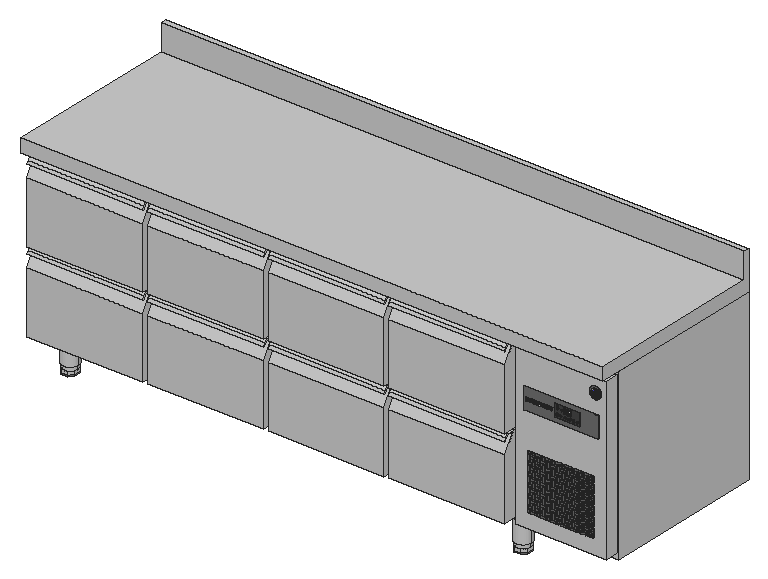
Revit family "QF_HOSHIZAKI_889040834", category Specialty Equipment, Revit 2016 (continued)
Definition of nested family "QF_HOSHIZAKI_ADVANCE_REF-COUNTER-DOORS-DRAWERS"
  Dimensions and locks
    aligned and locked: plane 3 "Left" to nested 3
    aligned and locked: plane 1 "Back" to nested 4
    aligned and locked: plane 3 "Left" to nested 4
    aligned and locked: plane 3 "Left" to nested 5
    aligned and locked: plane 1 "Back" to nested 5
    aligned and locked: plane 3 "Left" to nested 6
    aligned and locked: plane 1 "Back" to nested 6
    aligned and locked: plane 3 "Left" to nested 7
    aligned and locked: plane 1 "Back" to nested 7
  Nested families
    nested 1: "Right_Door" at (0, 0, 0), Section size <- "Section size", type "Right door"
      with Worktop thickness 50 mm, Section size 446 mm, Legs height 0 mm, Height Actual 700 mm, Depth Actual 0 mm, Right hand hinged door no
    nested 2: "Left_Door" at (0, 0, 0), Section size <- "Section size", type "Left door"
      with Worktop thickness 50 mm, Section size 446 mm, Legs height 0 mm, Height Actual 700 mm, Depth Actual 0 mm, Left hand hinged door no
    nested 3: "3_Drawers_1-3" at (0, 0, 0), Section size <- "Section size", type "3 Drawers 1-3"
      with Worktop thickness 50 mm, Section size 446 mm, Legs height 0 mm, Height Actual 700 mm, Depth Actual 0 mm
    nested 4: "2_Drawers_1-2" at (0, 0, 0), Section size <- "Section size", type "2 Drawers 1-2"
      with Worktop thickness 50 mm, Section size 446 mm, Legs height 0 mm, Height Actual 700 mm, Depth Actual 0 mm, 2 Drawers no
    nested 5: "3_Drawers_1-3_2-3" at (0, 0, 0), Section size <- "Section size", type "2 Drawers 1-3 and 2-3"
      with Worktop thickness 40 mm, Section size 446 mm, Legs height 0 mm, Height Actual 750 mm, Depth Actual 0 mm, 2 Drawers 1-3 and 2-3 no
    nested 6: "Right_Glass_Door" at (0, 0, 0), Section size <- "Section size", type "Right glass door"
      with Worktop thickness 40 mm, Section size 446 mm, Legs height 0 mm, Height Actual 750 mm, Depth Actual 0 mm, Right hand hinged glass door no
    nested 7: "Left_Glass_Door" at (0, 0, 0), Section size <- "Section size", type "Left glass door"
      with Worktop thickness 40 mm, Section size 446 mm, Legs height 0 mm, Height Actual 750 mm, Depth Actual 0 mm, Left hand hinged glass door no
  Definition of nested family "3_Drawers_1-3"
    Parameters (values of type "3 Drawers 1-3")
      Worktop thickness [instance] = 50 mm
      URL = "www.specifiglobal.com"
      Section size [instance] = 446 mm
      Model = ""
      Manufacturer = "DEMO CONSULTANT"
      Legs height [instance] = 150 mm
      Height Actual [instance] = 850 mm
      Description = ""
      Depth Actual [instance] = 700 mm
      Assembly Code = "E1090320"
      3 Drawers = yes
    Reference planes
      plane 1 "Back": y = 0
      plane 2: z = 0
      plane 3 "Left": x = 0
      plane 4 "Right": x = 446
      plane 5 "Front": y = -700
      plane 6 "Top": z = 850
      plane 7 "Front door": y = -633
      plane 8 "Bottom shelf": z = 150
      plane 9 "Worktop bottom": z = 800
      plane 10: z = 784
      plane 11: z = 170
      plane 12: z = 584
      plane 13: z = 577
      plane 14: z = 370
      plane 15: z = 377
      plane 16: z = 580.5
      plane 17: z = 373.5
      plane 18: z = 166.5
      plane 19: z = 787.5
    Forms (mm)
      Extrusion 1, solid, visible <- "3 Drawers"
        sketch origin (860, -633, 4000) x (-1, 0, 0) y (0, 0, 1)
          loop
            line (852, -3224) -> (422, -3224) -> (422, -3408) -> (852, -3408) -> (852, -3224)
          loop
            line (823, -3253) -> (451, -3253) -> (451, -3379) -> (823, -3379) -> (823, -3253)
        from 0 to -11
      Extrusion 2, solid, visible <- "3 Drawers"
        sketch origin (0, 0, 0) x (0, 1, 0) y (0, 0, 1)
          loop
            line (-644, 784) -> (-675.296, 784)
            arc (-675.296, 784) -> (-683.245, 781.721) -> (-688.778, 775.576) r 15
            line (-688.778, 775.576) -> (-694, 764.869) -> (-692.202, 763.992) -> (-686.981, 774.699)
            arc (-686.981, 774.699) -> (-682.185, 780.025) -> (-675.296, 782) r 13
            line (-675.296, 782) -> (-656.484, 782) -> (-694, 717.02) -> (-694, 584) -> (-644, 584) -> (-644, 784)
        from 0 to 446
      Extrusion 3, solid, visible <- "3 Drawers"
        sketch origin (0, 0, -237.3) x (0, 1, 0) y (0, 0, 1)
          loop
            line (-644, 814.3) -> (-675.296, 814.3)
            arc (-675.296, 814.3) -> (-683.245, 812.021) -> (-688.778, 805.876) r 15
            line (-688.778, 805.876) -> (-694, 795.169) -> (-692.202, 794.292) -> (-686.981, 804.999)
            arc (-686.981, 804.999) -> (-682.185, 810.325) -> (-675.296, 812.3) r 13
            line (-675.296, 812.3) -> (-656.484, 812.3) -> (-694, 747.32) -> (-694, 614.3) -> (-644, 614.3) -> (-644, 814.3)
        from 0 to 446
      Extrusion 4, solid, visible <- "3 Drawers"
        sketch origin (0, 0, -463.333) x (0, 1, 0) y (0, 0, 1)
          loop
            line (-644, 833.333) -> (-675.296, 833.333)
            arc (-675.296, 833.333) -> (-683.245, 831.054) -> (-688.778, 824.909) r 15
            line (-688.778, 824.909) -> (-694, 814.202) -> (-692.202, 813.326) -> (-686.981, 824.032)
            arc (-686.981, 824.032) -> (-682.185, 829.358) -> (-675.296, 831.333) r 13
            line (-675.296, 831.333) -> (-656.484, 831.333) -> (-694, 766.353) -> (-694, 633.333) -> (-644, 633.333) -> (-644, 833.333)
        from 0 to 446
      Extrusion 5, solid, visible <- "3 Drawers"
        sketch origin (860, -633, 3773.7) x (-1, 0, 0) y (0, 0, 1)
          loop
            line (852, -3204.7) -> (422, -3204.7) -> (422, -3388.7) -> (852, -3388.7) -> (852, -3204.7)
          loop
            line (823, -3233.7) -> (451, -3233.7) -> (451, -3359.7) -> (823, -3359.7) -> (823, -3233.7)
        from 0 to -11
      Extrusion 6, solid, visible <- "3 Drawers"
        sketch origin (860, -633, 3547) x (-1, 0, 0) y (0, 0, 1)
          loop
            line (852, -3185) -> (422, -3185) -> (422, -3369) -> (852, -3369) -> (852, -3185)
          loop
            line (823, -3214) -> (451, -3214) -> (451, -3340) -> (823, -3340) -> (823, -3214)
        from 0 to -11
      Extrusion 7, solid, visible <- "3 Drawers", detail levels coarse
        sketch origin (0, -608.657, 584) x (0, 1, 0) y (-1, 0, 0)
          loop
            line (-85.343, 0) -> (-551.343, 0) -> (-551.343, -446) -> (-85.343, -446) -> (-85.343, 0)
        from 0 to 200
      Extrusion 8, solid, visible <- "3 Drawers", detail levels coarse
        sketch origin (0, -503.657, 377) x (0, 1, 0) y (-1, 0, 0)
          loop
            line (-190.343, 0) -> (-656.343, 0) -> (-656.343, -446) -> (-190.343, -446) -> (-190.343, 0)
        from 0 to 200
      Extrusion 9, solid, visible <- "3 Drawers", detail levels coarse
        sketch origin (0, -343.657, 170) x (0, 1, 0) y (-1, 0, 0)
          loop
            line (-350.343, 0) -> (-816.343, 0) -> (-816.343, -446) -> (-350.343, -446) -> (-350.343, 0)
        from 0 to 200
    Lines and regions (mm)
      symbolic lines, visible <- "3 Drawers"
        curve 1: line (0, -808, 850) -> (0, -854, 850)
        curve 2: line (0, -854, 850) -> (446, -854, 850)
        curve 3: line (446, -854, 850) -> (446, -808, 850)
        curve 4: line (446, -808, 850) -> (0, -808, 850)
        curve 5: line (416, -808, 850) -> (416, -700, 850)
        curve 6: line (30, -808, 850) -> (30, -700, 850)
        curve 7: line (0, -961, 850) -> (0, -1007, 850)
        curve 8: line (0, -1007, 850) -> (446, -1007, 850)
        curve 9: line (446, -1007, 850) -> (446, -961, 850)
        curve 10: line (446, -961, 850) -> (0, -961, 850)
        curve 11: line (416, -961, 850) -> (416, -854, 850)
        curve 12: line (30, -961, 850) -> (30, -854, 850)
        curve 13: line (0, -1114, 850) -> (0, -1160, 850)
        curve 14: line (0, -1160, 850) -> (446, -1160, 850)
        curve 15: line (446, -1160, 850) -> (446, -1114, 850)
        curve 16: line (446, -1114, 850) -> (0, -1114, 850)
        curve 17: line (416, -1114, 850) -> (416, -1007, 850)
        curve 18: line (30, -1114, 850) -> (30, -1007, 850)
    Dimensions and locks
      "Section size": plane 3 "Left" to plane 4 "Right"
      "Depth Actual": plane 5 "Front" to plane 1 "Back"
      "Height Actual": plane 6 "Top" to level
      locked: plane 7 "Front door" to plane 5 "Front" at 67
      "Legs height": plane 8 "Bottom shelf" to plane 2
      "Worktop thickness": plane 6 "Top" to plane 9 "Worktop bottom"
      locked: plane 11 to plane 8 "Bottom shelf" at 20
      locked: plane 9 "Worktop bottom" to plane 10 at 16
      locked: plane 12 to plane 13 at 7
      locked: plane 15 to plane 14 at 7
      locked: plane 11 to plane 18 at 3.5
      equal spacing: plane 12, plane 16, plane 13
      equal spacing: plane 15, plane 17, plane 14
      locked: plane 19 to plane 10 at 3.5
      equal spacing: plane 19, plane 16, plane 17, plane 18
      aligned and locked: level to plane 2
      aligned and locked: Extrusion 2 to plane 4 "Right"
      aligned and locked: Extrusion 3 to plane 4 "Right"
      aligned and locked: Extrusion 4 to plane 4 "Right"
      aligned and locked: plane 4 "Right" to Extrusion 7 sketch curve
      aligned and locked: plane 3 "Left" to Extrusion 7 sketch curve
      aligned and locked: Extrusion 7 to plane 10
      aligned and locked: Extrusion 8 to plane 13
      aligned and locked: Extrusion 9 to plane 14
      aligned and locked: plane 10 to Extrusion 2 sketch curve
      aligned and locked: Extrusion 2 sketch curve to plane 12
      aligned and locked: Extrusion 3 sketch curve to plane 15
      aligned and locked: plane 13 to Extrusion 3 sketch curve
    Automatic sketch dimensions
      plane 4 "Right" to Extrusion 1 sketch curve = 8 mm
      plane 4 "Right" to Extrusion 1 sketch curve = 37 mm
      plane 3 "Left" to Extrusion 1 sketch curve = 37 mm
      plane 3 "Left" to Extrusion 1 sketch curve = 8 mm
      plane 12 to Extrusion 1 sketch curve = 8 mm
      plane 12 to Extrusion 1 sketch curve = 37 mm
      Extrusion 1 sketch curve to plane 10 = 37 mm
      Extrusion 1 sketch curve to plane 10 = 8 mm
      plane 4 "Right" to Extrusion 5 sketch curve = 8 mm
      plane 4 "Right" to Extrusion 5 sketch curve = 37 mm
      plane 3 "Left" to Extrusion 5 sketch curve = 37 mm
      plane 3 "Left" to Extrusion 5 sketch curve = 8 mm
      plane 15 to Extrusion 5 sketch curve = 8 mm
      plane 15 to Extrusion 5 sketch curve = 37 mm
      Extrusion 5 sketch curve to plane 13 = 37 mm
      Extrusion 5 sketch curve to plane 13 = 8 mm
      plane 4 "Right" to Extrusion 6 sketch curve = 8 mm
      plane 4 "Right" to Extrusion 6 sketch curve = 37 mm
      plane 3 "Left" to Extrusion 6 sketch curve = 37 mm
      plane 3 "Left" to Extrusion 6 sketch curve = 8 mm
      plane 11 to Extrusion 6 sketch curve = 8 mm
      plane 11 to Extrusion 6 sketch curve = 37 mm
      Extrusion 6 sketch curve to plane 14 = 37 mm
      Extrusion 6 sketch curve to plane 14 = 8 mm
      Extrusion 7 sketch curve to plane 5 "Front" = 460 mm
      plane 5 "Front" to Extrusion 7 sketch curve = 6 mm
      Extrusion 8 sketch curve to plane 3 "Left" = 0 mm
      Extrusion 8 sketch curve to plane 4 "Right" = 0 mm
      Extrusion 8 sketch curve to plane 5 "Front" = 460 mm
      plane 5 "Front" to Extrusion 8 sketch curve = 6 mm
      Extrusion 9 sketch curve to plane 3 "Left" = 0 mm
      Extrusion 9 sketch curve to plane 4 "Right" = 0 mm
      Extrusion 9 sketch curve to plane 5 "Front" = 460 mm
      plane 5 "Front" to Extrusion 9 sketch curve = 6 mm
      curve 13 to plane 3 "Left" = 0 mm
      curve 14 to plane 4 "Right" = 0 mm
      curve 7 to plane 3 "Left" = 0 mm
      curve 8 to plane 4 "Right" = 0 mm
      curve 1 to plane 3 "Left" = 0 mm
      curve 3 to plane 4 "Right" = 0 mm
      curve 6 to plane 5 "Front" = 0 mm
      curve 5 to plane 5 "Front" = 0 mm
      curve 1 to plane 5 "Front" = 108 mm
      curve 2 to curve 3 = 46 mm
      curve 7 to curve 1 = 107 mm
      curve 9 to curve 9 = 46 mm
      curve 16 to curve 7 = 107 mm
      curve 14 to curve 13 = 46 mm
      curve 8 to curve 17 = 30 mm
      curve 9 to curve 11 = 30 mm
      curve 3 to curve 5 = 30 mm
      plane 3 "Left" to curve 6 = 30 mm
      plane 3 "Left" to curve 18 = 30 mm
      plane 3 "Left" to curve 12 = 30 mm
      Extrusion 2 sketch curve to Extrusion 2 sketch curve = 0 mm  (x3)
      plane 5 "Front" to Extrusion 2 sketch curve = 6 mm  (x2)
      Extrusion 2 sketch curve to Extrusion 2 sketch curve = 1.798 mm  (x2)
      Extrusion 2 sketch curve to Extrusion 2 sketch curve = 11.684 mm
      plane 5 "Front" to Extrusion 2 sketch curve = 43.516 mm
      plane 5 "Front" to Extrusion 2 sketch curve = 56 mm
      Extrusion 2 sketch curve to plane 10 = 66.98 mm
      Extrusion 3 sketch curve to Extrusion 3 sketch curve = 0 mm  (x4)
      Extrusion 3 sketch curve to Extrusion 3 sketch curve = 1.798 mm  (x2)
      plane 5 "Front" to Extrusion 3 sketch curve = 11.222 mm
      Extrusion 3 sketch curve to Extrusion 3 sketch curve = 18.812 mm
      Extrusion 3 sketch curve to plane 7 "Front door" = 11 mm
      Extrusion 3 sketch curve to Extrusion 3 sketch curve = 46.972 mm
      Extrusion 4 sketch curve to Extrusion 4 sketch curve = 0 mm  (x2)
      Extrusion 4 sketch curve to plane 11 = 0 mm
      Extrusion 4 sketch curve to plane 14 = 0 mm
      Extrusion 4 sketch curve to plane 7 "Front door" = 61 mm  (x2)
      Extrusion 4 sketch curve to Extrusion 4 sketch curve = 1.798 mm  (x2)
      Extrusion 4 sketch curve to plane 14 = 8.424 mm
      Extrusion 4 sketch curve to Extrusion 4 sketch curve = 5.222 mm
      Extrusion 4 sketch curve to plane 14 = 9.301 mm
      Extrusion 4 sketch curve to plane 7 "Front door" = 42.296 mm
      Extrusion 4 sketch curve to plane 7 "Front door" = 23.484 mm
      Extrusion 4 sketch curve to plane 7 "Front door" = 11 mm
      Extrusion 4 sketch curve to Extrusion 4 sketch curve = 46.972 mm
      plane 5 "Front" to Extrusion 2 sketch curve = 11.222 mm
      plane 5 "Front" to Extrusion 3 sketch curve = 7.798 mm
      plane 5 "Front" to Extrusion 3 sketch curve = 6 mm
      Extrusion 3 sketch curve to Extrusion 3 sketch curve = 11.684 mm
      Extrusion 3 sketch curve to Extrusion 3 sketch curve = 66.98 mm
      Extrusion 3 sketch curve to Extrusion 3 sketch curve = 0.877 mm
      Extrusion 2 sketch curve to plane 10 = 20.008 mm
      Extrusion 2 sketch curve to Extrusion 2 sketch curve = 0.877 mm
  Definition of nested family "Right_Door"
    Parameters (values of type "Right door")
      Worktop thickness [instance] = 50 mm
      URL = "www.specifiglobal.com"
      Section size [instance] = 446 mm
      Right hand hinged door = yes
      Model = ""
      Manufacturer = "DEMO CONSULTANT"
      Legs height [instance] = 150 mm
      Height Actual [instance] = 850 mm
      Description = ""
      Depth Actual [instance] = 700 mm
      Assembly Code = "E1090320"
    Reference planes
      plane 1 "Back": y = 0
      plane 2: z = 0
      plane 3 "Left": x = 0
      plane 4 "Right": x = 446
      plane 5 "Front": y = -700
      plane 6 "Top": z = 850
      plane 7 "Front door": y = -633
      plane 8 "Bottom shelf": z = 150
      plane 9 "Worktop bottom": z = 800
      plane 10: z = 784
      plane 11: z = 170
    Forms (mm)
      Extrusion 1, solid, visible <- "Right hand hinged door", detail levels coarse
        sketch origin (0, -608.657, 170) x (0, 1, 0) y (-1, 0, 0)
          loop
            arc (-85.343, 0) -> (-400.712, -130.63) -> (-531.343, -446) r 446
            line (-531.343, -446) -> (-85.343, -446) -> (-85.343, 0)
        from 0 to 614
      Extrusion 2, solid, visible <- "Right hand hinged door"
        sketch origin (860, -633, 4000) x (-1, 0, 0) y (0, 0, 1)
          loop
            line (852, -3224) -> (422, -3224) -> (422, -3822) -> (852, -3822) -> (852, -3224)
          loop
            line (823, -3253) -> (451, -3253) -> (451, -3793) -> (823, -3793) -> (823, -3253)
        from 0 to -11
      Extrusion 3, solid, visible <- "Right hand hinged door"
        sketch origin (0, 0, 0) x (0, 1, 0) y (0, 0, 1)
          loop
            line (-644, 784) -> (-675.296, 784)
            arc (-675.296, 784) -> (-683.245, 781.721) -> (-688.778, 775.576) r 15
            line (-688.778, 775.576) -> (-694, 764.869) -> (-692.202, 763.992) -> (-686.981, 774.699)
            arc (-686.981, 774.699) -> (-682.185, 780.025) -> (-675.296, 782) r 13
            line (-675.296, 782) -> (-656.484, 782) -> (-694, 717.02) -> (-694, 170) -> (-644, 170) -> (-644, 784)
        from 0 to 446
    Lines and regions (mm)
      symbolic lines, visible <- "Right hand hinged door"
        curve 1: line (446, -700, 850) -> (446, -1140, 850)
        curve 2: arc (0.04, -700, 850) -> (132.759, -1011.484, 850) -> (446, -1140, 850) r 446
    Dimensions and locks
      "Section size": plane 3 "Left" to plane 4 "Right"
      "Depth Actual": plane 5 "Front" to plane 1 "Back"
      "Height Actual": plane 6 "Top" to level
      locked: plane 7 "Front door" to plane 5 "Front" at 67
      "Legs height": plane 8 "Bottom shelf" to plane 2
      "Worktop thickness": plane 6 "Top" to plane 9 "Worktop bottom"
      locked: plane 11 to plane 8 "Bottom shelf" at 20
      locked: plane 9 "Worktop bottom" to plane 10 at 16
      aligned and locked: level to plane 2
      aligned and locked: Extrusion 1 to plane 10
      aligned and locked: Extrusion 3 to plane 4 "Right"
      aligned and locked: curve 2 to Extrusion 1
      aligned and locked: plane 10 to Extrusion 3 sketch curve
      aligned and locked: Extrusion 3 sketch curve to plane 11
    Automatic sketch dimensions
      plane 4 "Right" to Extrusion 2 sketch curve = 8 mm
      plane 4 "Right" to Extrusion 2 sketch curve = 37 mm
      plane 3 "Left" to Extrusion 2 sketch curve = 37 mm
      plane 3 "Left" to Extrusion 2 sketch curve = 8 mm
      plane 11 to Extrusion 2 sketch curve = 8 mm
      plane 11 to Extrusion 2 sketch curve = 37 mm
      Extrusion 2 sketch curve to plane 10 = 37 mm
      Extrusion 2 sketch curve to plane 10 = 8 mm
      Extrusion 1 sketch curve to plane 4 "Right" = 0 mm
      Extrusion 1 sketch curve to plane 3 "Left" = 0 mm
      plane 5 "Front" to Extrusion 1 sketch curve = 6 mm
      curve 1 to plane 5 "Front" = 0 mm
      curve 2 to plane 5 "Front" = 0 mm
      Extrusion 3 sketch curve to Extrusion 3 sketch curve = 0 mm  (x2)
      Extrusion 3 sketch curve to plane 7 "Front door" = 61 mm  (x2)
      Extrusion 3 sketch curve to Extrusion 3 sketch curve = 1.798 mm  (x2)
      Extrusion 3 sketch curve to plane 10 = 8.424 mm
      Extrusion 3 sketch curve to Extrusion 3 sketch curve = 5.222 mm
      Extrusion 3 sketch curve to plane 10 = 9.301 mm
      Extrusion 3 sketch curve to plane 7 "Front door" = 42.296 mm
      Extrusion 3 sketch curve to plane 7 "Front door" = 23.484 mm
      Extrusion 3 sketch curve to Extrusion 3 sketch curve = 12.484 mm
      Extrusion 3 sketch curve to Extrusion 3 sketch curve = 46.972 mm
  Definition of nested family "Left_Door"
    Parameters (values of type "Left door")
      Worktop thickness [instance] = 50 mm
      URL = "www.specifiglobal.com"
      Section size [instance] = 450 mm
      Model = ""
      Manufacturer = "DEMO CONSULTANT"
      Legs height [instance] = 150 mm
      Left hand hinged door = yes
      Height Actual [instance] = 850 mm
      Description = ""
      Depth Actual [instance] = 700 mm
      Assembly Code = "E1090320"
    Reference planes
      plane 1 "Back": y = 0
      plane 2: z = 0
      plane 3 "Left": x = 0
      plane 4 "Right": x = 450
      plane 5 "Front": y = -700
      plane 6 "Top": z = 850
      plane 7 "Front door": y = -633
      plane 8 "Bottom shelf": z = 150
      plane 9 "Worktop bottom": z = 800
      plane 10: z = 784
      plane 11: z = 170
    Forms (mm)
      Extrusion 1, solid, visible <- "Left hand hinged door"
        sketch origin (860, -633, 4000) x (-1, 0, 0) y (0, 0, 1)
          loop
            line (852, -3224) -> (418, -3224) -> (418, -3822) -> (852, -3822) -> (852, -3224)
          loop
            line (823, -3253) -> (447, -3253) -> (447, -3793) -> (823, -3793) -> (823, -3253)
        from 0 to -11
      Extrusion 2, solid, visible <- "Left hand hinged door"
        sketch origin (0, 0, 0) x (0, 1, 0) y (0, 0, 1)
          loop
            line (-644, 784) -> (-675.296, 784)
            arc (-675.296, 784) -> (-683.245, 781.721) -> (-688.778, 775.576) r 15
            line (-688.778, 775.576) -> (-694, 764.869) -> (-692.202, 763.992) -> (-686.981, 774.699)
            arc (-686.981, 774.699) -> (-682.185, 780.025) -> (-675.296, 782) r 13
            line (-675.296, 782) -> (-656.484, 782) -> (-694, 717.02) -> (-694, 170) -> (-644, 170) -> (-644, 784)
        from 0 to 450
      Extrusion 3, solid, visible <- "Left hand hinged door", detail levels coarse
        sketch origin (0, -608.657, 170) x (0, 1, 0) y (-1, 0, 0)
          loop
            line (-85.343, -450) -> (-85.343, 0) -> (-535.343, 0)
            arc (-535.343, 0) -> (-403.541, -318.198) -> (-85.343, -450) r 450
        from 0 to 614
    Lines and regions (mm)
      symbolic lines, visible <- "Left hand hinged door"
        curve 1: line (0, -700, 850) -> (0, -1144, 850)
        curve 2: arc (0, -1144, 850) -> (316.07, -1014.312, 850) -> (449.96, -700, 850) r 450
    Dimensions and locks
      "Section size": plane 3 "Left" to plane 4 "Right"
      "Depth Actual": plane 5 "Front" to plane 1 "Back"
      "Height Actual": plane 6 "Top" to level
      locked: plane 7 "Front door" to plane 5 "Front" at 67
      "Legs height": plane 8 "Bottom shelf" to plane 2
      "Worktop thickness": plane 6 "Top" to plane 9 "Worktop bottom"
      locked: plane 11 to plane 8 "Bottom shelf" at 20
      locked: plane 9 "Worktop bottom" to plane 10 at 16
      aligned and locked: level to plane 2
      aligned and locked: Extrusion 2 to plane 4 "Right"
      aligned and locked: Extrusion 3 to plane 10
      aligned and locked: curve 2 to Extrusion 3
      aligned and locked: plane 10 to Extrusion 2 sketch curve
      aligned and locked: Extrusion 2 sketch curve to plane 11
    Automatic sketch dimensions
      plane 4 "Right" to Extrusion 1 sketch curve = 8 mm
      plane 4 "Right" to Extrusion 1 sketch curve = 37 mm
      plane 3 "Left" to Extrusion 1 sketch curve = 37 mm
      plane 3 "Left" to Extrusion 1 sketch curve = 8 mm
      plane 11 to Extrusion 1 sketch curve = 8 mm
      plane 11 to Extrusion 1 sketch curve = 37 mm
      Extrusion 1 sketch curve to plane 10 = 37 mm
      Extrusion 1 sketch curve to plane 10 = 8 mm
      Extrusion 3 sketch curve to plane 3 "Left" = 0 mm
      Extrusion 3 sketch curve to plane 4 "Right" = 0 mm
      plane 5 "Front" to Extrusion 3 sketch curve = 6 mm
      curve 1 to plane 5 "Front" = 0 mm
      curve 2 to plane 5 "Front" = 0 mm
      Extrusion 2 sketch curve to Extrusion 2 sketch curve = 0 mm  (x2)
      plane 5 "Front" to Extrusion 2 sketch curve = 6 mm  (x2)
      Extrusion 2 sketch curve to Extrusion 2 sketch curve = 1.798 mm
      plane 5 "Front" to Extrusion 2 sketch curve = 11.222 mm
      Extrusion 2 sketch curve to Extrusion 2 sketch curve = 11.684 mm
      Extrusion 2 sketch curve to Extrusion 2 sketch curve = 18.812 mm
      Extrusion 2 sketch curve to plane 7 "Front door" = 11 mm
      Extrusion 2 sketch curve to plane 10 = 66.98 mm
      Extrusion 2 sketch curve to plane 10 = 20.008 mm
      Extrusion 2 sketch curve to Extrusion 2 sketch curve = 0.877 mm  (x2)
  Definition of nested family "2_Drawers_1-2"
    Parameters (values of type "2 Drawers 1-2")
      Worktop thickness [instance] = 50 mm
      URL = "www.specifiglobal.com"
      Section size [instance] = 446 mm
      Model = ""
      Manufacturer = "DEMO CONSULTANT"
      Legs height [instance] = 150 mm
      Height Actual [instance] = 850 mm
      Description = ""
      Depth Actual [instance] = 700 mm
      Assembly Code = "E1090320"
      2 Drawers = yes
    Reference planes
      plane 1 "Back": y = 0
      plane 2: z = 0
      plane 3 "Left": x = 0
      plane 4 "Right": x = 446
      plane 5 "Front": y = -700
      plane 6 "Top": z = 850
      plane 7 "Front door": y = -633
      plane 8 "Bottom shelf": z = 150
      plane 9 "Worktop bottom": z = 800
      plane 10: z = 784
      plane 11: z = 170
      plane 12: z = 481
      plane 13: z = 473
      plane 14: z = 477
      plane 15: z = 792
      plane 16: z = 160
    Forms (mm)
      Extrusion 1, solid, visible <- "2 Drawers"
        sketch origin (860, -633, 4000) x (-1, 0, 0) y (0, 0, 1)
          loop
            line (852, -3224) -> (422, -3224) -> (422, -3511) -> (852, -3511) -> (852, -3224)
          loop
            line (823, -3253) -> (451, -3253) -> (451, -3482) -> (823, -3482) -> (823, -3253)
        from 0 to -11
      Extrusion 2, solid, visible <- "2 Drawers"
        sketch origin (0, 0, 0) x (0, 1, 0) y (0, 0, 1)
          loop
            line (-644, 784) -> (-675.296, 784)
            arc (-675.296, 784) -> (-683.245, 781.721) -> (-688.778, 775.576) r 15
            line (-688.778, 775.576) -> (-694, 764.869) -> (-692.202, 763.992) -> (-686.981, 774.699)
            arc (-686.981, 774.699) -> (-682.185, 780.025) -> (-675.296, 782) r 13
            line (-675.296, 782) -> (-656.484, 782) -> (-694, 717.02) -> (-694, 481) -> (-644, 481) -> (-644, 784)
        from 0 to 446
      Extrusion 3, solid, visible <- "2 Drawers"
        sketch origin (0, 0, -463.333) x (0, 1, 0) y (0, 0, 1)
          loop
            line (-644, 936.333) -> (-675.296, 936.333)
            arc (-675.296, 936.333) -> (-683.245, 934.054) -> (-688.778, 927.909) r 15
            line (-688.778, 927.909) -> (-694, 917.202) -> (-692.202, 916.326) -> (-686.981, 927.032)
            arc (-686.981, 927.032) -> (-682.185, 932.358) -> (-675.296, 934.333) r 13
            line (-675.296, 934.333) -> (-656.484, 934.333) -> (-694, 869.353) -> (-694, 633.333) -> (-644, 633.333) -> (-644, 936.333)
        from 0 to 446
      Extrusion 4, solid, visible <- "2 Drawers"
        sketch origin (860, -633, 3547) x (-1, 0, 0) y (0, 0, 1)
          loop
            line (852, -3082) -> (422, -3082) -> (422, -3369) -> (852, -3369) -> (852, -3082)
          loop
            line (823, -3111) -> (451, -3111) -> (451, -3340) -> (823, -3340) -> (823, -3111)
        from 0 to -11
      Extrusion 5, solid, visible <- "2 Drawers", detail levels coarse
        sketch origin (0, -608.657, 481) x (0, 1, 0) y (-1, 0, 0)
          loop
            line (-85.343, 0) -> (-551.343, 0) -> (-551.343, -446) -> (-85.343, -446) -> (-85.343, 0)
        from 0 to 303
      Extrusion 6, solid, visible <- "2 Drawers", detail levels coarse
        sketch origin (0, -343.657, 170) x (0, 1, 0) y (-1, 0, 0)
          loop
            line (-350.343, 0) -> (-816.343, 0) -> (-816.343, -446) -> (-350.343, -446) -> (-350.343, 0)
        from 0 to 303
    Lines and regions (mm)
      symbolic lines, visible <- "2 Drawers"
        curve 1: line (0, -884, 850) -> (0, -930, 850)
        curve 2: line (0, -930, 850) -> (446, -930, 850)
        curve 3: line (446, -930, 850) -> (446, -884, 850)
        curve 4: line (446, -884, 850) -> (0, -884, 850)
        curve 5: line (416, -884, 850) -> (416, -700, 850)
        curve 6: line (30, -884, 850) -> (30, -700, 850)
        curve 7: line (0, -1114, 850) -> (0, -1160, 850)
        curve 8: line (0, -1160, 850) -> (446, -1160, 850)
        curve 9: line (446, -1160, 850) -> (446, -1114, 850)
        curve 10: line (446, -1114, 850) -> (0, -1114, 850)
        curve 11: line (416, -1114, 850) -> (416, -930, 850)
        curve 12: line (30, -1114, 850) -> (30, -930, 850)
    Dimensions and locks
      "Section size": plane 3 "Left" to plane 4 "Right"
      "Depth Actual": plane 5 "Front" to plane 1 "Back"
      "Height Actual": plane 6 "Top" to level
      locked: plane 7 "Front door" to plane 5 "Front" at 67
      "Legs height": plane 8 "Bottom shelf" to plane 2
      "Worktop thickness": plane 6 "Top" to plane 9 "Worktop bottom"
      locked: plane 11 to plane 8 "Bottom shelf" at 20
      locked: plane 9 "Worktop bottom" to plane 10 at 16
      equal spacing: plane 9 "Worktop bottom", plane 15, plane 10
      equal spacing: plane 11, plane 16, plane 8 "Bottom shelf"
      plane 12 to plane 13 = 8 mm
      equal spacing: plane 12, plane 14, plane 13
      equal spacing: plane 10, plane 14, plane 11
      aligned and locked: level to plane 2
      aligned and locked: Extrusion 2 to plane 4 "Right"
      aligned and locked: Extrusion 3 to plane 4 "Right"
      aligned and locked: plane 4 "Right" to Extrusion 5 sketch curve
      aligned and locked: plane 3 "Left" to Extrusion 5 sketch curve
      aligned and locked: Extrusion 5 to plane 10
      aligned and locked: Extrusion 6 to plane 13
      aligned and locked: Extrusion 2 sketch curve to plane 12
      aligned and locked: plane 10 to Extrusion 2 sketch curve
      aligned and locked: Extrusion 3 sketch curve to plane 11
      aligned and locked: plane 13 to Extrusion 3 sketch curve
    Automatic sketch dimensions
      plane 4 "Right" to Extrusion 1 sketch curve = 8 mm
      plane 4 "Right" to Extrusion 1 sketch curve = 37 mm
      plane 3 "Left" to Extrusion 1 sketch curve = 37 mm
      plane 3 "Left" to Extrusion 1 sketch curve = 8 mm
      plane 12 to Extrusion 1 sketch curve = 8 mm
      plane 12 to Extrusion 1 sketch curve = 37 mm
      Extrusion 1 sketch curve to plane 10 = 37 mm
      Extrusion 1 sketch curve to plane 10 = 8 mm
      plane 4 "Right" to Extrusion 4 sketch curve = 8 mm
      plane 4 "Right" to Extrusion 4 sketch curve = 37 mm
      plane 3 "Left" to Extrusion 4 sketch curve = 37 mm
      plane 3 "Left" to Extrusion 4 sketch curve = 8 mm
      plane 11 to Extrusion 4 sketch curve = 8 mm
      plane 11 to Extrusion 4 sketch curve = 37 mm
      Extrusion 4 sketch curve to plane 13 = 37 mm
      Extrusion 4 sketch curve to plane 13 = 8 mm
      Extrusion 5 sketch curve to plane 5 "Front" = 460 mm
      plane 5 "Front" to Extrusion 5 sketch curve = 6 mm
      Extrusion 6 sketch curve to plane 3 "Left" = 0 mm
      Extrusion 6 sketch curve to plane 4 "Right" = 0 mm
      Extrusion 6 sketch curve to plane 5 "Front" = 460 mm
      plane 5 "Front" to Extrusion 6 sketch curve = 6 mm
      curve 8 to plane 3 "Left" = 0 mm
      curve 8 to plane 4 "Right" = 0 mm
      curve 3 to plane 4 "Right" = 0 mm
      curve 1 to plane 3 "Left" = 0 mm
      curve 5 to plane 5 "Front" = 0 mm
      curve 6 to plane 5 "Front" = 0 mm
      curve 4 to plane 5 "Front" = 184 mm
      curve 2 to curve 1 = 46 mm
      curve 7 to curve 1 = 184 mm
      curve 9 to curve 9 = 46 mm
      plane 4 "Right" to curve 5 = 30 mm
      plane 4 "Right" to curve 11 = 30 mm
      plane 3 "Left" to curve 12 = 30 mm
      plane 3 "Left" to curve 6 = 30 mm
      Extrusion 2 sketch curve to Extrusion 2 sketch curve = 0 mm  (x2)
      plane 5 "Front" to Extrusion 2 sketch curve = 6 mm  (x2)
      Extrusion 2 sketch curve to Extrusion 2 sketch curve = 1.798 mm  (x2)
      Extrusion 2 sketch curve to Extrusion 2 sketch curve = 5.222 mm
      plane 5 "Front" to Extrusion 2 sketch curve = 24.704 mm
      plane 5 "Front" to Extrusion 2 sketch curve = 43.516 mm
      plane 5 "Front" to Extrusion 2 sketch curve = 56 mm
      Extrusion 2 sketch curve to Extrusion 2 sketch curve = 46.972 mm
      Extrusion 2 sketch curve to Extrusion 2 sketch curve = 0.877 mm
      Extrusion 2 sketch curve to Extrusion 2 sketch curve = 5.699 mm
      plane 5 "Front" to Extrusion 3 sketch curve = 6 mm  (x2)
      Extrusion 3 sketch curve to Extrusion 3 sketch curve = 1.798 mm  (x2)
      Extrusion 3 sketch curve to Extrusion 3 sketch curve = 5.222 mm
      Extrusion 3 sketch curve to Extrusion 3 sketch curve = 11.684 mm
      plane 5 "Front" to Extrusion 3 sketch curve = 43.516 mm
      plane 5 "Front" to Extrusion 3 sketch curve = 56 mm
      Extrusion 3 sketch curve to Extrusion 3 sketch curve = 46.972 mm
      Extrusion 3 sketch curve to Extrusion 3 sketch curve = 0 mm  (x2)
      Extrusion 3 sketch curve to Extrusion 3 sketch curve = 5.699 mm
      Extrusion 3 sketch curve to Extrusion 3 sketch curve = 0.877 mm
  Definition of nested family "3_Drawers_1-3_2-3"
    Parameters (values of type "2 Drawers 1-3 and 2-3")
      Worktop thickness [instance] = 40 mm
      URL = "www.specifiglobal.com"
      Section size [instance] = 421 mm
      Model = ""
      Manufacturer = "DEMO CONSULTANT"
      Legs height [instance] = 150 mm
      Height Actual [instance] = 900 mm
      Description = ""
      Depth Actual [instance] = 700 mm
      Assembly Code = "E1090320"
      2 Drawers 1-3 and 2-3 = yes
    Reference planes
      plane 1 "Back": y = 0
      plane 2: z = 0
      plane 3 "Left": x = 0
      plane 4 "Right": x = 421
      plane 5 "Front": y = -700
      plane 6 "Top": z = 900
      plane 7 "Front door": y = -633
      plane 8 "Bottom shelf": z = 150
      plane 9 "Worktop bottom": z = 860
      plane 10: z = 841
      plane 11: z = 186
      plane 12: z = 627
      plane 13: z = 620
      plane 14: z = 623.5
      plane 15: z = 850.5
      plane 16: z = 168
    Forms (mm)
      Extrusion 1, solid, visible <- "2 Drawers 1-3 and 2-3"
        sketch origin (860, -633, 4000) x (-1, 0, 0) y (0, 0, 1)
          loop
            line (852, -3167) -> (447, -3167) -> (447, -3365) -> (852, -3365) -> (852, -3167)
          loop
            line (823, -3196) -> (476, -3196) -> (476, -3336) -> (823, -3336) -> (823, -3196)
        from 0 to -11
      Extrusion 2, solid, visible <- "2 Drawers 1-3 and 2-3"
        sketch origin (0, 0, 0) x (0, 1, 0) y (0, 0, 1)
          loop
            line (-644, 841) -> (-675.296, 841)
            arc (-675.296, 841) -> (-683.245, 838.721) -> (-688.778, 832.576) r 15
            line (-688.778, 832.576) -> (-694, 821.869) -> (-692.202, 820.992) -> (-686.981, 831.699)
            arc (-686.981, 831.699) -> (-682.185, 837.025) -> (-675.296, 839) r 13
            line (-675.296, 839) -> (-656.484, 839) -> (-694, 774.02) -> (-694, 627) -> (-644, 627) -> (-644, 841)
        from 0 to 421
      Extrusion 3, solid, visible <- "2 Drawers 1-3 and 2-3"
        sketch origin (0, 0, -463.333) x (0, 1, 0) y (0, 0, 1)
          loop
            line (-644, 1083.333) -> (-675.296, 1083.333)
            arc (-675.296, 1083.333) -> (-683.245, 1081.054) -> (-688.778, 1074.909) r 15
            line (-688.778, 1074.909) -> (-694, 1064.202) -> (-692.202, 1063.326) -> (-686.981, 1074.032)
            arc (-686.981, 1074.032) -> (-682.185, 1079.358) -> (-675.296, 1081.333) r 13
            line (-675.296, 1081.333) -> (-656.484, 1081.333) -> (-694, 1016.353) -> (-694, 649.333) -> (-644, 649.333) -> (-644, 1083.333)
        from 0 to 421
      Extrusion 4, solid, visible <- "2 Drawers 1-3 and 2-3"
        sketch origin (860, -633, 3547) x (-1, 0, 0) y (0, 0, 1)
          loop
            line (852, -2935) -> (447, -2935) -> (447, -3353) -> (852, -3353) -> (852, -2935)
          loop
            line (823, -2964) -> (476, -2964) -> (476, -3324) -> (823, -3324) -> (823, -2964)
        from 0 to -11
      Extrusion 5, solid, visible <- "2 Drawers 1-3 and 2-3", detail levels coarse
        sketch origin (0, -608.657, 627) x (0, 1, 0) y (-1, 0, 0)
          loop
            line (-85.343, 0) -> (-551.343, 0) -> (-551.343, -421) -> (-85.343, -421) -> (-85.343, 0)
        from 0 to 214
      Extrusion 6, solid, visible <- "2 Drawers 1-3 and 2-3", detail levels coarse
        sketch origin (0, -343.657, 186) x (0, 1, 0) y (-1, 0, 0)
          loop
            line (-350.343, 0) -> (-816.343, 0) -> (-816.343, -421) -> (-350.343, -421) -> (-350.343, 0)
        from 0 to 434
    Lines and regions (mm)
      symbolic lines, visible <- "2 Drawers 1-3 and 2-3"
        curve 1: line (0, -804, 900) -> (0, -850, 900)
        curve 2: line (0, -850, 900) -> (421, -850, 900)
        curve 3: line (421, -850, 900) -> (421, -804, 900)
        curve 4: line (421, -804, 900) -> (0, -804, 900)
        curve 5: line (391, -804, 900) -> (391, -700, 900)
        curve 6: line (30, -804, 900) -> (30, -700, 900)
        curve 7: line (0, -1114, 900) -> (0, -1160, 900)
        curve 8: line (0, -1160, 900) -> (421, -1160, 900)
        curve 9: line (421, -1160, 900) -> (421, -1114, 900)
        curve 10: line (421, -1114, 900) -> (0, -1114, 900)
        curve 11: line (391, -1114, 900) -> (391, -850, 900)
        curve 12: line (30, -1114, 900) -> (30, -850, 900)
    Dimensions and locks
      "Section size": plane 3 "Left" to plane 4 "Right"
      "Depth Actual": plane 5 "Front" to plane 1 "Back"
      "Height Actual": plane 6 "Top" to level
      locked: plane 7 "Front door" to plane 5 "Front" at 67
      "Legs height": plane 8 "Bottom shelf" to plane 2
      "Worktop thickness": plane 6 "Top" to plane 9 "Worktop bottom"
      locked: plane 11 to plane 8 "Bottom shelf" at 36
      locked: plane 9 "Worktop bottom" to plane 10 at 19
      locked: plane 12 to plane 13 at 7
      equal spacing: plane 9 "Worktop bottom", plane 15, plane 10
      equal spacing: plane 11, plane 16, plane 8 "Bottom shelf"
      locked: Extrusion 4 sketch curve to plane 13 at 37
      locked: Extrusion 4 sketch curve to plane 13 at 8
      equal spacing: plane 12, plane 14, plane 13
      locked: plane 10 to plane 12 at 214
      aligned and locked: level to plane 2
      aligned and locked: Extrusion 2 to plane 4 "Right"
      aligned and locked: Extrusion 3 to plane 4 "Right"
      aligned and locked: plane 4 "Right" to Extrusion 5 sketch curve
      aligned and locked: plane 3 "Left" to Extrusion 5 sketch curve
      aligned and locked: Extrusion 5 to plane 10
      aligned and locked: Extrusion 6 to plane 13
      aligned and locked: plane 10 to Extrusion 2 sketch curve
      aligned and locked: Extrusion 2 sketch curve to plane 12
      aligned and locked: Extrusion 3 sketch curve to plane 11
      aligned and locked: plane 13 to Extrusion 3 sketch curve
    Automatic sketch dimensions
      plane 4 "Right" to Extrusion 1 sketch curve = 8 mm
      plane 4 "Right" to Extrusion 1 sketch curve = 37 mm
      plane 3 "Left" to Extrusion 1 sketch curve = 37 mm
      plane 3 "Left" to Extrusion 1 sketch curve = 8 mm
      plane 12 to Extrusion 1 sketch curve = 8 mm
      plane 12 to Extrusion 1 sketch curve = 37 mm
      Extrusion 1 sketch curve to plane 10 = 37 mm
      Extrusion 1 sketch curve to plane 10 = 8 mm
      plane 4 "Right" to Extrusion 4 sketch curve = 8 mm
      plane 4 "Right" to Extrusion 4 sketch curve = 37 mm
      plane 3 "Left" to Extrusion 4 sketch curve = 37 mm
      plane 3 "Left" to Extrusion 4 sketch curve = 8 mm
      plane 11 to Extrusion 4 sketch curve = 8 mm
      plane 11 to Extrusion 4 sketch curve = 37 mm
      Extrusion 5 sketch curve to plane 5 "Front" = 460 mm
      plane 5 "Front" to Extrusion 5 sketch curve = 6 mm
      Extrusion 6 sketch curve to plane 3 "Left" = 0 mm
      Extrusion 6 sketch curve to plane 4 "Right" = 0 mm
      Extrusion 6 sketch curve to plane 5 "Front" = 460 mm
      plane 5 "Front" to Extrusion 6 sketch curve = 6 mm
      curve 8 to plane 3 "Left" = 0 mm
      curve 8 to plane 4 "Right" = 0 mm
      curve 3 to plane 4 "Right" = 0 mm
      curve 1 to plane 3 "Left" = 0 mm
      curve 5 to plane 5 "Front" = 0 mm
      curve 6 to plane 5 "Front" = 0 mm
      curve 4 to plane 5 "Front" = 104 mm
      curve 2 to curve 1 = 46 mm
      curve 7 to curve 1 = 264 mm
      curve 9 to curve 9 = 46 mm
      curve 3 to curve 5 = 30 mm
      plane 4 "Right" to curve 11 = 30 mm
      plane 3 "Left" to curve 12 = 30 mm
      plane 3 "Left" to curve 6 = 30 mm
      Extrusion 2 sketch curve to Extrusion 2 sketch curve = 0 mm  (x2)
      Extrusion 2 sketch curve to plane 7 "Front door" = 61 mm  (x2)
      Extrusion 2 sketch curve to Extrusion 2 sketch curve = 1.798 mm  (x2)
      Extrusion 2 sketch curve to Extrusion 2 sketch curve = 5.222 mm
      Extrusion 2 sketch curve to Extrusion 2 sketch curve = 11.684 mm
      Extrusion 2 sketch curve to Extrusion 2 sketch curve = 18.812 mm
      Extrusion 2 sketch curve to Extrusion 2 sketch curve = 50 mm
      Extrusion 2 sketch curve to Extrusion 2 sketch curve = 46.972 mm
      Extrusion 2 sketch curve to Extrusion 2 sketch curve = 0.877 mm
      Extrusion 2 sketch curve to Extrusion 2 sketch curve = 5.699 mm
      Extrusion 3 sketch curve to Extrusion 3 sketch curve = 0 mm  (x2)
      plane 5 "Front" to Extrusion 3 sketch curve = 6 mm  (x2)
      Extrusion 3 sketch curve to Extrusion 3 sketch curve = 1.798 mm  (x2)
      plane 5 "Front" to Extrusion 3 sketch curve = 11.222 mm
      Extrusion 3 sketch curve to Extrusion 3 sketch curve = 11.684 mm
      Extrusion 3 sketch curve to Extrusion 3 sketch curve = 18.812 mm
      Extrusion 3 sketch curve to plane 7 "Front door" = 11 mm
      Extrusion 3 sketch curve to Extrusion 3 sketch curve = 57.679 mm
      Extrusion 3 sketch curve to Extrusion 3 sketch curve = 10.706 mm
      Extrusion 3 sketch curve to Extrusion 3 sketch curve = 5.699 mm
  Definition of nested family "Right_Glass_Door"
    Parameters (values of type "Right glass door")
      Worktop thickness [instance] = 40 mm
      URL = "www.specifiglobal.com"
      Section size [instance] = 421 mm
      Right hand hinged glass door = yes
      Model = ""
      Manufacturer = "DEMO CONSULTANT"
      Legs height [instance] = 150 mm
      Height Actual [instance] = 900 mm
      Description = ""
      Depth Actual [instance] = 700 mm
      Assembly Code = "E1090320"
    Reference planes
      plane 1 "Back": y = 0
      plane 2: z = 0
      plane 3 "Left": x = 0
      plane 4 "Right": x = 421
      plane 5 "Front": y = -700
      plane 6 "Top": z = 900
      plane 7 "Front door": y = -633
      plane 8 "Bottom shelf": z = 150
      plane 9 "Worktop bottom": z = 860
      plane 10: z = 841
      plane 11: z = 186
    Forms (mm)
      Extrusion 1, solid, visible <- "Right hand hinged glass door", detail levels coarse
        sketch origin (0, -608.657, 186) x (0, 1, 0) y (-1, 0, 0)
          loop
            arc (-85.343, 0) -> (-383.035, -123.308) -> (-506.343, -421) r 421
            line (-506.343, -421) -> (-85.343, -421) -> (-85.343, 0)
        from 0 to 655
      Extrusion 2, solid, visible <- "Right hand hinged glass door"
        sketch origin (860, -633, 4000) x (-1, 0, 0) y (0, 0, 1)
          loop
            line (852, -3167) -> (447, -3167) -> (447, -3806) -> (852, -3806) -> (852, -3167)
          loop
            line (823, -3196) -> (476, -3196) -> (476, -3777) -> (823, -3777) -> (823, -3196)
        from 0 to -11
      Extrusion 3, solid, visible <- "Right hand hinged glass door"
        sketch origin (0, -633, 0) x (-1, 0, 0) y (0, 0, 1)
          loop
            line (0, 841) -> (-421, 841) -> (-421, 186) -> (0, 186) -> (0, 841)
          loop
            line (-50, 791) -> (-371, 791) -> (-371, 236) -> (-50, 236) -> (-50, 791)
        from -11 to -61
      Extrusion 4, solid, visible <- "Right hand hinged glass door"
        sketch origin (0, -633, 0) x (-1, 0, 0) y (0, 0, 1)
          loop
            line (-50, 791) -> (-371, 791) -> (-371, 236) -> (-50, 236) -> (-50, 791)
        from -51 to -61
    Lines and regions (mm)
      symbolic lines, visible <- "Right hand hinged glass door"
        curve 1: line (421, -700, 900) -> (421, -1115, 900)
        curve 2: arc (0.043, -700, 900) -> (125.437, -993.806, 900) -> (421, -1115, 900) r 421
    Dimensions and locks
      "Section size": plane 3 "Left" to plane 4 "Right"
      "Depth Actual": plane 5 "Front" to plane 1 "Back"
      "Height Actual": plane 6 "Top" to level
      locked: plane 7 "Front door" to plane 5 "Front" at 67
      "Legs height": plane 8 "Bottom shelf" to plane 2
      "Worktop thickness": plane 6 "Top" to plane 9 "Worktop bottom"
      locked: plane 11 to plane 8 "Bottom shelf" at 36
      locked: plane 9 "Worktop bottom" to plane 10 at 19
      locked: plane 11 to Extrusion 4 sketch curve at 50
      locked: Extrusion 4 sketch curve to plane 3 "Left" at 50
      locked: Extrusion 4 sketch curve to plane 10 at 50
      locked: plane 4 "Right" to Extrusion 4 sketch curve at 50
      aligned and locked: level to plane 2
      aligned and locked: Extrusion 1 to plane 10
      aligned and locked: Extrusion 3 sketch curve to Extrusion 1  (x2)
      aligned and locked: curve 2 to Extrusion 1
    Automatic sketch dimensions
      plane 4 "Right" to Extrusion 2 sketch curve = 8 mm
      plane 4 "Right" to Extrusion 2 sketch curve = 37 mm
      plane 3 "Left" to Extrusion 2 sketch curve = 37 mm
      plane 3 "Left" to Extrusion 2 sketch curve = 8 mm
      plane 11 to Extrusion 2 sketch curve = 8 mm
      plane 11 to Extrusion 2 sketch curve = 37 mm
      Extrusion 2 sketch curve to plane 10 = 37 mm
      Extrusion 2 sketch curve to plane 10 = 8 mm
      plane 4 "Right" to Extrusion 3 sketch curve = 50 mm
      plane 3 "Left" to Extrusion 3 sketch curve = 50 mm
      plane 11 to Extrusion 3 sketch curve = 50 mm
      Extrusion 3 sketch curve to plane 10 = 50 mm
      Extrusion 1 sketch curve to plane 4 "Right" = 0 mm
      Extrusion 1 sketch curve to plane 3 "Left" = 0 mm
      plane 5 "Front" to Extrusion 1 sketch curve = 6 mm
      plane 4 "Right" to Extrusion 3 sketch curve = 0 mm
      Extrusion 3 sketch curve to plane 3 "Left" = 0 mm
      curve 1 to plane 5 "Front" = 0 mm
      curve 2 to plane 5 "Front" = 0 mm
  Definition of nested family "Left_Glass_Door"
    Parameters (values of type "Left glass door")
      Worktop thickness [instance] = 40 mm
      URL = "www.specifiglobal.com"
      Section size [instance] = 421 mm
      Model = ""
      Manufacturer = "DEMO CONSULTANT"
      Legs height [instance] = 150 mm
      Left hand hinged glass door = yes
      Height Actual [instance] = 900 mm
      Description = ""
      Depth Actual [instance] = 700 mm
      Assembly Code = "E1090320"
    Reference planes
      plane 1 "Back": y = 0
      plane 2: z = 0
      plane 3 "Left": x = 0
      plane 4 "Right": x = 421
      plane 5 "Front": y = -700
      plane 6 "Top": z = 900
      plane 7 "Front door": y = -633
      plane 8 "Bottom shelf": z = 150
      plane 9 "Worktop bottom": z = 860
      plane 10: z = 841
      plane 11: z = 186
    Forms (mm)
      Extrusion 1, solid, visible <- "Left hand hinged glass door"
        sketch origin (860, -633, 4000) x (-1, 0, 0) y (0, 0, 1)
          loop
            line (852, -3167) -> (447, -3167) -> (447, -3806) -> (852, -3806) -> (852, -3167)
          loop
            line (823, -3196) -> (476, -3196) -> (476, -3777) -> (823, -3777) -> (823, -3196)
        from 0 to -11
      Extrusion 2, solid, visible <- "Left hand hinged glass door"
        sketch origin (0, -633, 0) x (-1, 0, 0) y (0, 0, 1)
          loop
            line (0, 841) -> (-421, 841) -> (-421, 186) -> (0, 186) -> (0, 841)
          loop
            line (-50, 791) -> (-371, 791) -> (-371, 236) -> (-50, 236) -> (-50, 791)
        from -11 to -61
      Extrusion 3, solid, visible <- "Left hand hinged glass door"
        sketch origin (0, -633, 0) x (-1, 0, 0) y (0, 0, 1)
          loop
            line (-50, 791) -> (-371, 791) -> (-371, 236) -> (-50, 236) -> (-50, 791)
        from -51 to -61
      Extrusion 4, solid, visible <- "Left hand hinged glass door", detail levels coarse
        sketch origin (0, -608.657, 186) x (0, 1, 0) y (-1, 0, 0)
          loop
            line (-85.343, 0) -> (-506.343, 0)
            arc (-506.343, 0) -> (-383.035, -297.692) -> (-85.343, -421) r 421
            line (-85.343, -421) -> (-85.343, 0)
        from 0 to 655
    Lines and regions (mm)
      symbolic lines, visible <- "Left hand hinged glass door"
        curve 1: line (0, -700, 900) -> (0, -1115, 900)
        curve 2: arc (0, -1115, 900) -> (295.563, -993.806, 900) -> (420.957, -700, 900) r 421
    Dimensions and locks
      "Section size": plane 3 "Left" to plane 4 "Right"
      "Depth Actual": plane 5 "Front" to plane 1 "Back"
      "Height Actual": plane 6 "Top" to level
      locked: plane 7 "Front door" to plane 5 "Front" at 67
      "Legs height": plane 8 "Bottom shelf" to plane 2
      "Worktop thickness": plane 6 "Top" to plane 9 "Worktop bottom"
      locked: plane 11 to plane 8 "Bottom shelf" at 36
      locked: plane 9 "Worktop bottom" to plane 10 at 19
      aligned and locked: level to plane 2
      aligned and locked: Extrusion 4 to plane 10
      aligned and locked: Extrusion 4 to curve 1
      aligned and locked: curve 2 to Extrusion 4
    Automatic sketch dimensions
      plane 4 "Right" to Extrusion 1 sketch curve = 8 mm
      plane 4 "Right" to Extrusion 1 sketch curve = 37 mm
      plane 3 "Left" to Extrusion 1 sketch curve = 37 mm
      plane 3 "Left" to Extrusion 1 sketch curve = 8 mm
      plane 11 to Extrusion 1 sketch curve = 8 mm
      plane 11 to Extrusion 1 sketch curve = 37 mm
      Extrusion 1 sketch curve to plane 10 = 37 mm
      Extrusion 1 sketch curve to plane 10 = 8 mm
      plane 4 "Right" to Extrusion 2 sketch curve = 0 mm
      Extrusion 2 sketch curve to plane 3 "Left" = 0 mm
      Extrusion 2 sketch curve to plane 11 = 0 mm
      Extrusion 2 sketch curve to plane 10 = 0 mm
      plane 4 "Right" to Extrusion 2 sketch curve = 50 mm
      plane 3 "Left" to Extrusion 2 sketch curve = 50 mm
      plane 11 to Extrusion 2 sketch curve = 50 mm
      Extrusion 2 sketch curve to plane 10 = 50 mm
      plane 4 "Right" to Extrusion 3 sketch curve = 50 mm
      plane 3 "Left" to Extrusion 3 sketch curve = 50 mm
      plane 11 to Extrusion 3 sketch curve = 50 mm
      Extrusion 3 sketch curve to plane 10 = 50 mm
      Extrusion 4 sketch curve to plane 3 "Left" = 0 mm
      Extrusion 4 sketch curve to plane 4 "Right" = 0 mm
      plane 5 "Front" to Extrusion 4 sketch curve = 6 mm
      curve 1 to plane 5 "Front" = 0 mm
      curve 2 to plane 5 "Front" = 0 mm
Definition of nested family "QF_HOSHIZAKI_ADVANCE_REF-COUNTER-LEGS"
  Parameters (values of type "760660118-7")
    Weight [instance] = 0.00 kg
    URL Cutsheet [instance] = ""
    URL = "www.hoshizaki-europe.com"
    Status [instance] = ""
    Specification by User [instance] = ""
    Specification by Manufacturer [instance] = ""
    Serial Number [instance] = ""
    Seismic Rating [instance] = ""
    SMACNA No [instance] = ""
    Revision Code [instance] = ""
    NAFEM Spec ID Number [instance] = ""
    Model = "L1"
    Masterspec [instance] = ""
    Manufacturer = "HOSHIZAKI"
    Length Actual [instance] = 2246 mm
    Legs visibility = yes
    Legs inset right [instance] = 430 mm
    Legs inset rear [instance] = 70 mm
    Legs inset left [instance] = 70 mm
    Legs inset front [instance] = 153 mm
    Item Number [instance] = ""
    Installed By [instance] = ""
    Identify Quantity as Lot [instance] = no
    Height Actual [instance] = 150 mm
    Furnished By [instance] = ""
    Foodservice Equipment Identifier [instance] = no
    Description = "SET OF LEGS 130-180MM FOR ADVANCE COUNTER - 4 SECTIONS"
    Depth Actual [instance] = 700 mm
    Cost = 0
    Central Legs [instance] = if(Length Actual > 2300 mm, 2 > 1, 2 < 1)  # no
    CSI MasterFormat [instance] = ""
    Assembly Code = "E1090320"
    Accessory [instance] = yes
  Reference planes
    plane 1 "Back": y = 0
    plane 2: z = 0
    plane 3 "Left": x = 0
    plane 4 "Right": x = 2246
    plane 5 "Front": y = -700
    plane 6 "Top": z = 150
    plane 7 "Left offset": x = 70
    plane 8 "Right offset": x = 1816
    plane 9 "Rear offset": y = -70
    plane 10 "Front offset": y = -547
    plane 11 "Central": x = 943
  Dimensions and locks
    "Length Actual": plane 3 "Left" to plane 4 "Right"
    "Depth Actual": plane 5 "Front" to plane 1 "Back"
    "Legs inset left": plane 3 "Left" to plane 7 "Left offset"
    "Legs inset right": plane 8 "Right offset" to plane 4 "Right"
    "Legs inset rear": plane 9 "Rear offset" to plane 1 "Back"
    "Legs inset front": plane 10 "Front offset" to plane 5 "Front"
    "Height Actual": plane 6 "Top" to plane 2
    equal spacing: plane 7 "Left offset", plane 11 "Central", plane 8 "Right offset"
    aligned and locked: level to plane 2
    aligned and locked: nested 1 to plane 9 "Rear offset"
    aligned and locked: nested 2 to plane 9 "Rear offset"
    aligned and locked: nested 1 to plane 7 "Left offset"
    aligned and locked: nested 2 to plane 8 "Right offset"
    aligned and locked: nested 3 to plane 10 "Front offset"
    aligned and locked: nested 4 to plane 10 "Front offset"
    aligned and locked: nested 3 to plane 7 "Left offset"
    aligned and locked: nested 4 to plane 8 "Right offset"
    aligned and locked: nested 6 to plane 11 "Central"
    aligned and locked: nested 5 to plane 11 "Central"
    aligned and locked: nested 5 to plane 9 "Rear offset"
    aligned and locked: nested 6 to plane 10 "Front offset"
  Nested families
    nested 1: "LEGS" at (70, -70, 0), visible <- "Legs visibility", type "LEG"
    nested 2: "LEGS" at (1816, -70, 0), visible <- "Legs visibility", type "LEG"
    nested 3: "LEGS" at (70, -547, 0), visible <- "Legs visibility", type "LEG"
    nested 4: "LEGS" at (1816, -547, 0), visible <- "Legs visibility", type "LEG"
    nested 5: "LEGS" at (943, -70, 0), visible <- "Central Legs", type "LEG"
    nested 6: "LEGS" at (943, -547, 0), visible <- "Central Legs", type "LEG"
  Definition of nested family "LEGS"
    Parameters (values of type "LEG")
      Legs visibility = yes
      Legs height = 150 mm
    Reference planes
      plane 1 "Center (Front/Back)": y = 0
      plane 2: z = 0
      plane 3 "Center (Left/Right)": x = 0
      plane 4 "Top": z = 150
    Forms (mm)
      Extrusion 1, solid, visible <- "Legs visibility"
        sketch origin (0, 0, 150) x (0, 1, 0) y (-1, 0, 0)
          loop
            line (40, 40) -> (-40, 40) -> (-40, -40) -> (40, -40) -> (40, 40)
        from 0 to -3
      Extrusion 2, solid, visible <- "Legs visibility"
        sketch origin (-199.986, 580, 0) x (1, 0, 0) y (0, 1, 0)
          loop
            circle (199.986, -580) r 28
        from 17.959 to 35
      Extrusion 3, solid, visible <- "Legs visibility"
        sketch origin (-199.986, 580, 0) x (1, 0, 0) y (0, 1, 0)
          loop
            line (171.486, -591.805) -> (188.181, -608.5) -> (211.791, -608.5) -> (228.486, -591.805) -> (228.486, -568.195) -> (211.791, -551.5) -> (188.181, -551.5) -> (171.486, -568.195) -> (171.486, -591.805)
        from 0 to 5
      Sweep 4, solid, visible <- "Legs visibility"
        path origin (0, 0, 0) x (0, 1, 0) y (0, 0, 1)
          loop
            line (0, 147) -> (0, 35)
        profile origin (0, 0, 91) x (1, 0, 0) y (0, 1, 0)
          loop
            circle (0, 0) r 32
      Extrusion 5, solid, visible <- "Legs visibility"
        sketch origin (-199.986, 580, 0) x (1, 0, 0) y (0, 1, 0)
          loop
            line (188.388, -552) -> (171.986, -568.402) -> (171.986, -591.598) -> (188.388, -608) -> (211.584, -608) -> (227.986, -591.598) -> (227.986, -568.402) -> (211.584, -552) -> (188.388, -552)
        from 5 to 17.959
    Dimensions and locks
      "Legs height": plane 4 "Top" to plane 2
      aligned and locked: level to plane 2
    Automatic sketch dimensions
      plane 1 "Center (Front/Back)" to Extrusion 1 sketch curve = 40 mm
      Extrusion 1 sketch curve to plane 1 "Center (Front/Back)" = 40 mm
      plane 3 "Center (Left/Right)" to Extrusion 1 sketch curve = 40 mm
      Extrusion 1 sketch curve to plane 3 "Center (Left/Right)" = 40 mm
      plane 1 "Center (Front/Back)" to Extrusion 2 sketch curve = 0 mm
      Extrusion 2 sketch curve to plane 3 "Center (Left/Right)" = 0 mm
      plane 1 "Center (Front/Back)" to Extrusion 3 sketch curve = 11.805 mm  (x2)
      Extrusion 3 sketch curve to plane 3 "Center (Left/Right)" = 28.5 mm
      Extrusion 3 sketch curve to plane 3 "Center (Left/Right)" = 11.805 mm  (x2)
      plane 3 "Center (Left/Right)" to Extrusion 3 sketch curve = 11.805 mm  (x2)
      Extrusion 3 sketch curve to Extrusion 3 sketch curve = 16.695 mm  (x3)
      Extrusion 3 sketch curve to plane 1 "Center (Front/Back)" = 11.805 mm  (x2)
      Sweep 4 sketch curve to plane 1 "Center (Front/Back)" = 0 mm
      level to Sweep 4 sketch curve = 35 mm
      Sweep 4 sketch curve to plane 4 "Top" = 3 mm
      Sweep 4 sketch curve to plane 3 "Center (Left/Right)" = 0 mm
      profile plane to Sweep 4 sketch curve = 0 mm
      Extrusion 5 sketch curve to plane 3 "Center (Left/Right)" = 11.598 mm  (x2)
      plane 1 "Center (Front/Back)" to Extrusion 5 sketch curve = 11.598 mm  (x2)
      Extrusion 5 sketch curve to Extrusion 5 sketch curve = 16.402 mm  (x3)
      plane 3 "Center (Left/Right)" to Extrusion 5 sketch curve = 11.598 mm  (x2)
      Extrusion 5 sketch curve to plane 1 "Center (Front/Back)" = 11.598 mm  (x2)
      plane 1 "Center (Front/Back)" to Extrusion 5 sketch curve = 28 mm
      radius of Extrusion 2 sketch curve = 28 mm
      radius of Sweep 4 sketch curve = 32 mm
